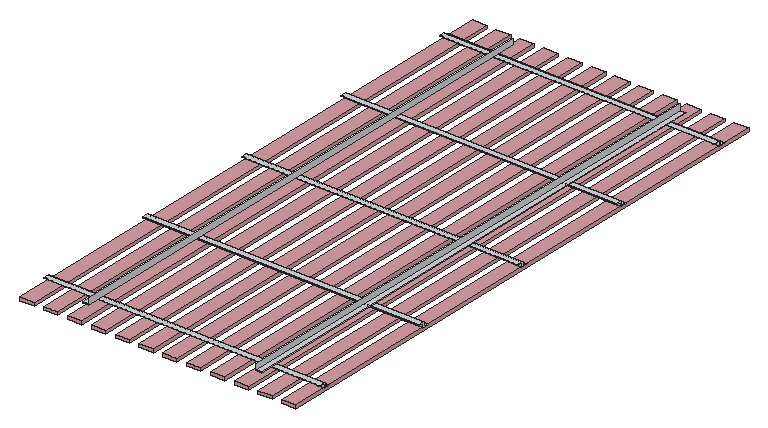
Revit family "J2 PET Felt Slat Linear System", category Specialty Equipment, Revit 2021
Family settings
  Round Connector Dimension = Use Diameter
  Part Type = Normal
  Work Plane-Based = No
  Always vertical = Yes
  Cut with Voids When Loaded = No
  Shared = No
  Room Calculation Point = No
Parameters (values of type "7'-11" x 4'-0"")
  Gap between slats [instance] = 0' - 1 5/8"
  Overall Width (Max. 4'-0") = 4' - 0"
  URL = "https://www.j2systems.net/"
  Symbol Name = "CCSLAT"
  Style Number = "CCSLAT"
  Slat Width = 0' - 2 3/8"
  Release Date = "2020"
  Product Line = "Ceiling System"
  Number of Slats = 12
  Model = "Slat Linear System"
  Manufacturer = "J2 Systems"  # constant formula
  Overall Length (Max. 8'-0") = 7' - 11"
  Felt Color = Felt Red
  End spacing = (([Overall Width (Max. 4'-0")] - (Slat Width * Number of Slats)) / Number of Slats / 2)  # 0' - 0 13/16"
  Default Elevation = 0' - 0"
Reference planes (in)
  plane 1 "Center (Front/Back)": y = 0
  plane 2: z = 0
  plane 3 "Center (Left/Right)": x = 0
  plane 4: y = 47.5
  plane 5: y = -47.5
  plane 6: x = -24
  plane 7: x = 24
  plane 8: x = -23.1875
  plane 9: x = 23.1875
Forms (in)
  Sweep 1, solid
    path origin (0, 0, 0) x (1, 0, 0) y (0, 1, 0)
      loop
        line (-23.1875, 41.5) -> (23.1875, 41.5)
    profile origin (0, 41.5, 0) x (0, 1, 0) y (0, 0, 1)
      loop
        line (0, 0.5) -> (1, 0.5) -> (1, 0.5625) -> (0.0625, 0.5625) -> (0.0625, 1.25) -> (-0.9375, 1.25) -> (-0.9375, 1.1875) -> (0, 1.1875) -> (0, 0.5)
  Sweep 2, solid
    path origin (0, 0, 0) x (1, 0, 0) y (0, 1, 0)
      loop
        line (-14, 44.5) -> (-14, -44.5)
    profile origin (-14, 0, 0) x (1, 0, 0) y (0, 0, 1)
      loop
        line (0, 1.25) -> (0, 2.25) -> (-0.0625, 2.25) -> (-0.0625, 1.3125) -> (-1, 1.3125) -> (-1, 1.25) -> (0, 1.25)
  Sweep 3, solid
    path origin (0, 0, 0) x (1, 0, 0) y (0, 1, 0)
      loop
        line (14, 44.5) -> (14, -44.5)
    profile origin (14, 0, 0) x (1, 0, 0) y (0, 0, 1)
      loop
        line (0, 1.25) -> (1, 1.25) -> (1, 1.3125) -> (0.0625, 1.3125) -> (0.0625, 2.25) -> (0, 2.25) -> (0, 1.25)
  Sweep 4, solid
    path origin (0, -83.0625, 0) x (1, 0, 0) y (0, 1, 0)
      loop
        line (-23.1875, 41.5) -> (23.1875, 41.5)
    profile origin (0, -41.5625, 0) x (0, 1, 0) y (0, 0, 1)
      loop
        line (0, 0.5) -> (1, 0.5) -> (1, 0.5625) -> (0.0625, 0.5625) -> (0.0625, 1.25) -> (-0.9375, 1.25) -> (-0.9375, 1.1875) -> (0, 1.1875) -> (0, 0.5)
  Sweep 5, solid
    path origin (0, -66.0625, 0) x (1, 0, 0) y (0, 1, 0)
      loop
        line (-23.1875, 45.26562) -> (23.1875, 45.26562)
    profile origin (0, -20.79688, 0) x (0, 1, 0) y (0, 0, 1)
      loop
        line (0, 0.5) -> (1, 0.5) -> (1, 0.5625) -> (0.0625, 0.5625) -> (0.0625, 1.25) -> (-0.9375, 1.25) -> (-0.9375, 1.1875) -> (0, 1.1875) -> (0, 0.5)
  Sweep 6, solid
    path origin (0, -42.5, 0) x (1, 0, 0) y (0, 1, 0)
      loop
        line (-23.1875, 42.46875) -> (23.1875, 42.46875)
    profile origin (0, -0.03125, 0) x (0, 1, 0) y (0, 0, 1)
      loop
        line (0, 0.5) -> (1, 0.5) -> (1, 0.5625) -> (0.0625, 0.5625) -> (0.0625, 1.25) -> (-0.9375, 1.25) -> (-0.9375, 1.1875) -> (0, 1.1875) -> (0, 0.5)
  Sweep 7, solid
    path origin (0, -18.5, 0) x (1, 0, 0) y (0, 1, 0)
      loop
        line (-23.1875, 39.23438) -> (23.1875, 39.23438)
    profile origin (0, 20.73437, 0) x (0, 1, 0) y (0, 0, 1)
      loop
        line (0, 0.5) -> (1, 0.5) -> (1, 0.5625) -> (0.0625, 0.5625) -> (0.0625, 1.25) -> (-0.9375, 1.25) -> (-0.9375, 1.1875) -> (0, 1.1875) -> (0, 0.5)
Dimensions and locks (in)
  equal spacing: plane 4, plane 1 "Center (Front/Back)", plane 5
  equal spacing: plane 6, plane 3 "Center (Left/Right)", plane 7
  "Overall Length (Max. 8'-0")": plane 4 to plane 5
  "Overall Width (Max. 4'-0")": plane 6 to plane 7
  locked: plane 4 to Sweep 1 sketch curve at 6
  locked: Sweep 2 sketch curve to plane 5 at 3
  locked: plane 6 to Sweep 2 sketch curve at 10
  locked: plane 4 to Sweep 2 sketch curve at 3
  Sweep 1 sketch curve to Sweep 1 sketch curve to Sweep 1 sketch curve to level = 0' - 0 11/16" locked, 0' - 0 1/16" locked, 0' - 0 1/2" locked
  Sweep 2 sketch curve to Sweep 2 sketch curve to Sweep 2 sketch curve to level = 0' - 0 15/16" locked, 0' - 0 1/16" locked, 0' - 1 1/4" locked
  Sweep 3 sketch curve to Sweep 3 sketch curve to Sweep 3 sketch curve to level = 0' - 0 15/16" locked, 0' - 0 1/16" locked, 0' - 1 1/4" locked
  locked: plane 4 to Sweep 3 sketch curve at 3
  locked: Sweep 3 sketch curve to plane 5 at 3
  locked: Sweep 3 sketch curve to plane 7 at 10
  equal spacing: group 1, group 3, group 4, group 5, group 6, group 7, group 8, group 9, group 10, group 11, group 12, group 2  (x3)
  Sweep 4 sketch curve to Sweep 4 sketch curve to Sweep 4 sketch curve = 0' - 0 11/16" locked, 0' - 0 1/16" locked
  locked: plane 5 to Sweep 4 sketch curve at 5.9375
  Sweep 5 sketch curve to Sweep 5 sketch curve to Sweep 5 sketch curve = 0' - 0 11/16" locked, 0' - 0 1/16" locked
  Sweep 6 sketch curve to Sweep 6 sketch curve to Sweep 6 sketch curve = 0' - 0 11/16" locked, 0' - 0 1/16" locked
  Sweep 7 sketch curve to Sweep 7 sketch curve to Sweep 7 sketch curve = 0' - 0 11/16" locked, 0' - 0 1/16" locked
  equal spacing: Sweep 1, Sweep 7, Sweep 6, Sweep 5, Sweep 4
  "Gap between slats": nested 1 to nested 3
  "End spacing": plane 6 to plane 8
  "End spacing": plane 9 to plane 7
  aligned and locked: plane 2 to level
  aligned and locked: nested 1 to plane 8
  aligned and locked: plane 9 to nested 2
  aligned and locked: plane 8 to Sweep 1 sketch curve
  aligned and locked: plane 9 to Sweep 1 sketch curve
  aligned and locked: plane 8 to Sweep 7 sketch curve
  aligned and locked: plane 9 to Sweep 7 sketch curve
  aligned and locked: plane 8 to Sweep 6 sketch curve
  aligned and locked: plane 9 to Sweep 6 sketch curve
  aligned and locked: plane 8 to Sweep 5 sketch curve
  aligned and locked: plane 9 to Sweep 5 sketch curve
  aligned and locked: plane 8 to Sweep 4 sketch curve
  aligned and locked: plane 9 to Sweep 4 sketch curve
Automatic sketch dimensions
  Sweep 1 sketch curve to profile plane = 0' - 0"
  profile plane to Sweep 1 sketch curve = 0' - 0 15/16"
  Sweep 1 sketch curve to profile plane = 0' - 0 1/16"
  Sweep 1 sketch curve to Sweep 1 sketch curve = 0' - 0 15/16"
  Sweep 1 sketch curve to Sweep 1 sketch curve = 0' - 0 1/16"
  profile plane to Sweep 2 sketch curve = 0' - 0"
  profile plane to Sweep 2 sketch curve = 0' - 0 1/16"
  Sweep 2 sketch curve to Sweep 2 sketch curve = 0' - 0 15/16"
  profile plane to Sweep 3 sketch curve = 0' - 0"
  Sweep 3 sketch curve to profile plane = 0' - 0 1/16"
  Sweep 3 sketch curve to Sweep 3 sketch curve = 0' - 0 15/16"
  Sweep 4 sketch curve to profile plane = 0' - 0"
  profile plane to Sweep 4 sketch curve = 0' - 0 15/16"
  Sweep 4 sketch curve to profile plane = 0' - 0 1/16"
  Sweep 4 sketch curve to Sweep 4 sketch curve = 0' - 0 15/16"
  level to Sweep 4 sketch curve = 0' - 0 1/2"
  Sweep 4 sketch curve to Sweep 4 sketch curve = 0' - 0 1/16"
  Sweep 5 sketch curve to profile plane = 0' - 0"
  profile plane to Sweep 5 sketch curve = 0' - 0 15/16"
  Sweep 5 sketch curve to profile plane = 0' - 0 1/16"
  Sweep 5 sketch curve to Sweep 5 sketch curve = 0' - 0 15/16"
  level to Sweep 5 sketch curve = 0' - 0 1/2"
  Sweep 5 sketch curve to Sweep 5 sketch curve = 0' - 0 1/16"
  Sweep 6 sketch curve to profile plane = 0' - 0"
  profile plane to Sweep 6 sketch curve = 0' - 0 15/16"
  Sweep 6 sketch curve to profile plane = 0' - 0 1/16"
  Sweep 6 sketch curve to Sweep 6 sketch curve = 0' - 0 15/16"
  level to Sweep 6 sketch curve = 0' - 0 1/2"
  Sweep 6 sketch curve to Sweep 6 sketch curve = 0' - 0 1/16"
  Sweep 7 sketch curve to profile plane = 0' - 0"
  profile plane to Sweep 7 sketch curve = 0' - 0 15/16"
  Sweep 7 sketch curve to profile plane = 0' - 0 1/16"
  Sweep 7 sketch curve to Sweep 7 sketch curve = 0' - 0 15/16"
  level to Sweep 7 sketch curve = 0' - 0 1/2"
  Sweep 7 sketch curve to Sweep 7 sketch curve = 0' - 0 1/16"
  Sweep 7 sketch curve to plane 1 "Center (Front/Back)" = 1' - 8 47/64"
  plane 1 "Center (Front/Back)" to Sweep 6 sketch curve = 0' - 0 1/32"
  plane 1 "Center (Front/Back)" to Sweep 5 sketch curve = 1' - 8 51/64"
Nested families (in)
  nested 1: "PET Felt Slat" at (-22, 0, 0), type "Slat 7'-11" x 2 3/8""
  nested 2: "PET Felt Slat" at (22, 0, 0), type "Slat 7'-11" x 2 3/8""
  nested 3: "PET Felt Slat" at (-18, 0, 0), type "Slat 7'-11" x 2 3/8""
  nested 4: "PET Felt Slat" at (-14, 0, 0), type "Slat 7'-11" x 2 3/8""
  nested 5: "PET Felt Slat" at (-10, 0, 0), type "Slat 7'-11" x 2 3/8""
  nested 6: "PET Felt Slat" at (-6, 0, 0), type "Slat 7'-11" x 2 3/8""
  nested 7: "PET Felt Slat" at (-2, 0, 0), type "Slat 7'-11" x 2 3/8""
  nested 8: "PET Felt Slat" at (2, 0, 0), type "Slat 7'-11" x 2 3/8""
  nested 9: "PET Felt Slat" at (6, 0, 0), type "Slat 7'-11" x 2 3/8""
  nested 10: "PET Felt Slat" at (10, 0, 0), type "Slat 7'-11" x 2 3/8""
  nested 11: "PET Felt Slat" at (14, 0, 0), type "Slat 7'-11" x 2 3/8""
  nested 12: "PET Felt Slat" at (18, 0, 0), type "Slat 7'-11" x 2 3/8""
Definition of nested family "PET Felt Slat"
  Parameters (values of type "Slat 7'-11" x 2 3/8"")
    Width = 0' - 2 3/8"
    URL = "https://www.j2systems.net/"
    Symbol Name = ""
    Style Number = ""
    Release Date = ""
    Product Line = "J2 PET Felt Slat Linear System"
    Model = "PET Felt Slat"
    Manufacturer = "J2 Systems"  # constant formula
    Length = 7' - 11"
    Felt Color = none
    Default Elevation = 0' - 0"
  Reference planes (in)
    plane 1 "Center (Front/Back)": y = 0
    plane 2: z = 0
    plane 3 "Center (Left/Right)": x = 0
    plane 4: y = 47.5
    plane 5: y = -47.5
    plane 6: x = -1.1875
    plane 7: x = 1.1875
  Forms (in)
    Extrusion 1, solid, material <- "Felt Color"
      sketch origin (2.375, 0, 0) x (1, 0, 0) y (0, 1, 0)
        loop
          line (-3.5625, 47.5) -> (-3.5625, -47.5) -> (-1.1875, -47.5) -> (-1.1875, 47.5) -> (-3.5625, 47.5)
      from 0 to 0.5
  Dimensions and locks (in)
    equal spacing: plane 4, plane 1 "Center (Front/Back)", plane 5
    equal spacing: plane 6, plane 3 "Center (Left/Right)", plane 7
    "Length": plane 4 to plane 5
    "Width": plane 6 to plane 7
    aligned and locked: plane 2 to level
    aligned and locked: Extrusion 1 to plane 6
    aligned and locked: plane 4 to Extrusion 1
    aligned and locked: Extrusion 1 to plane 5
    aligned and locked: Extrusion 1 sketch curve to plane 7
    aligned and locked: Extrusion 1 sketch curve to plane 4
    aligned and locked: plane 6 to Extrusion 1 sketch curve
    aligned and locked: plane 5 to Extrusion 1 sketch curve
